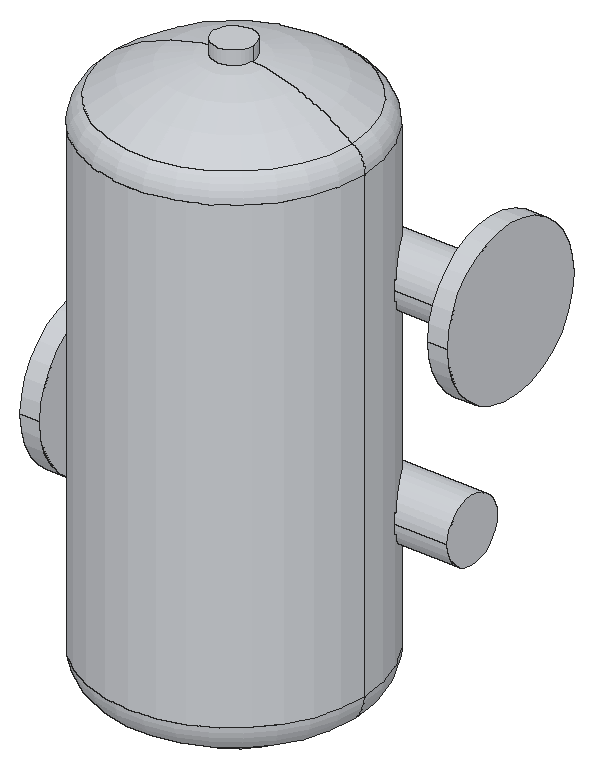
Revit family
Parameters (values of type "2-AS 125# W.P.")
  Weight = "70 lbs"
  Top to Inlet = 7.375"
  Top Connection Radius = 0.375"
  Top Connection Diameter = Top Connection Radius * 2  # 0.750"
  Tangential = yes
  Tank Height = 22.688"
  Tank Diameter = 10.000"
  Outlet Pipe Flange Conn. Radius = Outlet Pipe Flange Conn / 2  # 1.000"
  Outlet Pipe Flange Conn = 2.000"
  Nipple Connection Radius = Nipple Connection Diameter / 2  # 1.000"
  Nipple Connection Diameter = 2.000"
  Model = "2\"-AS"
  Pressure Drop = "1.2"
  Max Operating Temp = "350 DEG F"
  Max Operating Pressure = "125 PSI"
  Manufacturer = "Amtrol"
  Inlet CL to Outlet CL = 8.000"
  Inlet Pipe Flange Conn = 2.000"
  Inlet Pipe Flange Conn. Radius = Inlet Pipe Flange Conn / 2  # 1.000"
  Flow (GPM) = "63"
  Flange to Flange Height = 16.313"
  CL to Outlet Flange = 8.156"
  Bottom Connection Radius = Bottom Connection Diameter / 2  # 0.375"
  Bottom Connection Diameter = 0.750"
  ASME = yes
Types (3): name | Outlet Pipe Flange Conn. Radius | Outlet Pipe Flange Conn | Max Operating Pressure | Inlet Pipe Flange Conn | Inlet Pipe Flange Conn. Radius | Flow (GPM)
  (no name) | 1.000" | 2.000" | "125 PSI" | 2.000" | 1.000" | "63"
  2-AS 125# W.P. | 1.000" | 2.000" | "125 PSI" | 2.000" | 1.000" | "63"
  2-AS 150# W.P. 10 BAR | 1.220" | 2.440" | "150 PSI" | 2.440" | 1.220" | "70"
Reference planes (in)
  plane 1 "Center (Front/Back)": y = 0
  plane 2: z = 0
  plane 3 "Center (Left/Right)": x = 0
Forms (in)
  Revolve 1, solid
    sketch origin (0, 0, 0) x (1, 0, 0) y (0, 0, 1)
      loop
        line (0, 23.17548) -> (0, 0.48748)
        arc (0, 0.48748) -> (2.3562, 0.86066) -> (4.48177, 1.94366) r 7.625
        arc (4.48177, 1.94366) -> (4.85024, 2.37596) -> (5.00004, 2.92386) r 1.30442
        line (5.00004, 2.92386) -> (5.00004, 20.77392)
        arc (5.00004, 20.77392) -> (4.87779, 21.2809) -> (4.53792, 21.67644) r 1.11237
        arc (4.53792, 21.67644) -> (2.38955, 22.79102) -> (0, 23.17548) r 7.61816
      axis (0, 0.48748) -> (0, 23.17548)
    angle from 0 to 360
  Extrusion 2, solid
    sketch origin (0, 0, -1.34886) x (0, 1, 0) y (0, 0, 1)
      loop
        circle (3, 17.22591) r 1.1875
    from 2.04863 to 7.4038
  Extrusion 3, solid
    sketch origin (0.95154, 0, 1.33708) x (0, 1, 0) y (0, 0, 1)
      loop
        circle (3, 6.56456) r 1.1875
    from -8.35534 to 5.73597
  Extrusion 4, solid
    sketch origin (0, 0, 0) x (0, 1, 0) y (0, 0, 1)
      loop
        circle (3.00008, 15.9037) r 3
    from 7.4038 to 8.157
  Extrusion 5, solid
    sketch origin (0, 0, 0) x (0, 1, 0) y (0, 0, 1)
      loop
        circle (3, 7.96049) r 3
    from -7.4038 to -8.156
  Sweep 6, solid
    path origin (0, 0, 0) x (1, 0, 0) y (0, 0, 1)
      loop
        line (0, 23.1815) -> (0, 23.6875)
    profile origin (0, 0, 23.4345) x (-1, 0, 0) y (0, -1, 0)
      loop
        circle (0, 0) r 0.75
  Sweep 7, solid
    path origin (0, 0, 0) x (1, 0, 0) y (0, 0, 1)
      loop
        line (0, 0) -> (0, 0.5538)
    profile origin (0, 0, 0.2769) x (-1, 0, 0) y (0, -1, 0)
      loop
        circle (0, 0) r 0.75
Lines and regions (in)
  reference lines
    curve 1: line (-7.4038, 0, 7.875) -> (9.0962, 0, 7.875)
    curve 2: line (8.65956, 0, 15.875) -> (0, 0, 15.875)
Text (in)
  text "INLET" at (11.05624, 0, 18.67953), in view "Front"
  text "OUTLET" at (-19.15084, 0, 8.92051), in view "Front"
  text "STRAINER ACCESS" at (7.76467, 0, 7.66165), in view "Front"
Dimensions and locks (in)
  "Tank Height": Revolve 1 sketch curve to Revolve 1 sketch curve
  Revolve 1 sketch curve to Revolve 1 sketch curve = 6.50591"
  Revolve 1 sketch curve to level = 0.48748"
  plane 1 "Center (Front/Back)" to Extrusion 2 sketch curve = 3.000"
  plane 1 "Center (Front/Back)" to Extrusion 3 sketch curve = 3.000"
  locked: Extrusion 3 to Revolve 1 at 1.68748
  Extrusion 5 sketch curve to plane 1 "Center (Front/Back)" = 3.000"
  Extrusion 4 sketch curve to plane 1 "Center (Front/Back)" = 3.00008"
  "CL to Outlet Flange": Extrusion 5 to plane 3 "Center (Left/Right)"
  Revolve 1 sketch curve to Revolve 1 sketch curve = 5.00004"
Automatic sketch dimensions
  level to Extrusion 2 sketch curve = 15.87705"
  level to Extrusion 3 sketch curve = 7.90165"
  curve 2 to plane 3 "Center (Left/Right)" = 0.000"
  curve 1 to plane 3 "Center (Left/Right)" = 7.4038"
  curve 2 to curve 2 = 8.65956"
  curve 2 to curve 1 = 0.43664"
  level to Extrusion 4 sketch curve = 15.9037"
  level to Extrusion 5 sketch curve = 7.96049"
  Sweep 6 sketch curve to plane 3 "Center (Left/Right)" = 0.000"
  level to Sweep 6 sketch curve = 23.1815"
  Sweep 6 sketch curve to Sweep 6 sketch curve = 0.506"
  plane 1 "Center (Front/Back)" to Sweep 6 sketch curve = 0.000"
  Sweep 6 sketch curve to profile plane = 0.000"
  Sweep 7 sketch curve to plane 3 "Center (Left/Right)" = 0.000"
  Sweep 7 sketch curve to level = 0.000"
  level to Sweep 7 sketch curve = 0.5538"
  plane 1 "Center (Front/Back)" to Sweep 7 sketch curve = 0.000"
  Sweep 7 sketch curve to profile plane = 0.000"
  level to curve 1 = 7.875"
  curve 1 to curve 2 = 8.000"
  Revolve 1 sketch curve to plane 3 "Center (Left/Right)" = 0.000"  (x2)
  Revolve 1 sketch curve to Revolve 1 sketch curve = 1.30295"
  Revolve 1 sketch curve to Revolve 1 sketch curve = 1.11237"
  Revolve 1 sketch curve to Revolve 1 sketch curve = 0.51826"
  Revolve 1 sketch curve to Revolve 1 sketch curve = 0.65025"
  Revolve 1 sketch curve to level = 0.06771"
  level to Revolve 1 sketch curve = 1.94366"
  Revolve 1 sketch curve to Revolve 1 sketch curve = 0.9802"
  Revolve 1 sketch curve to Revolve 1 sketch curve = 2.01931"
  radius of Extrusion 2 sketch curve = 1.1875"
  radius of Extrusion 3 sketch curve = 1.1875"
  radius of Extrusion 4 sketch curve = 3.000"
  radius of Extrusion 5 sketch curve = 3.000"
  radius of Sweep 6 sketch curve = 0.750"
  radius of Sweep 7 sketch curve = 0.750"
Connectors (in)
  piping at (8.157, 3.00008, 15.9037), driven by "Inlet Pipe Flange Conn. Radius"
    settings: on Extrusion 4, index 1
  piping at (6.68751, 3, 7.90165), driven by "Nipple Connection Radius"
    settings: on Extrusion 3, index 2
  piping at (0, 0, 23.6875), driven by "Top Connection Radius"
    settings: on Sweep 6, index 3
  piping at (-8.156, 3, 7.96049), driven by "Outlet Pipe Flange Conn. Radius"
    settings: on Extrusion 5, index 4
  piping at (0, 0, 0), driven by "Bottom Connection Radius"
    settings: on Sweep 7, index 5
